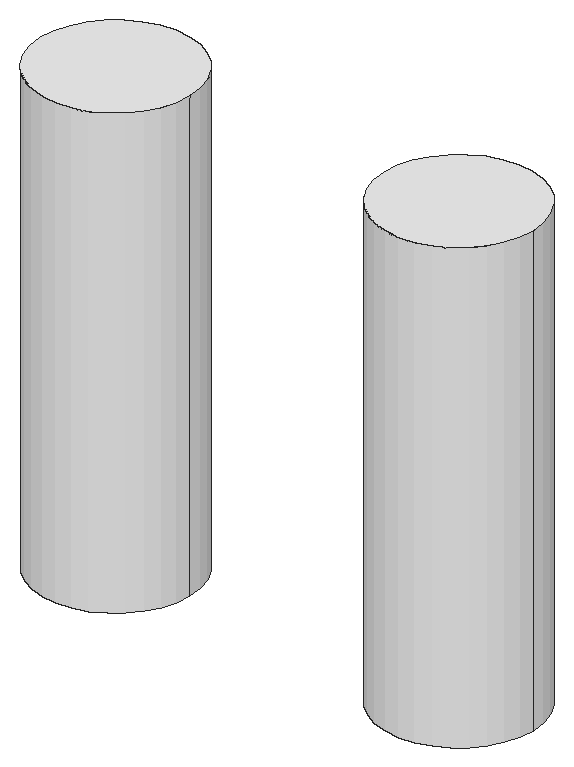
Revit family "51032293(2020)", category Plumbing Fixtures, Revit 2020
Family settings
  Round Connector Dimension = Use Diameter
  Part Type = Normal
  OmniClass Number = 23.45.55.00
  OmniClass Title = Sanitary Faucets, Wastes
  Work Plane-Based = No
  Always vertical = Yes
  Cut with Voids When Loaded = No
  Shared = No
  Room Calculation Point = No
Parameters (values of type "51032293 Washbasin faucet")
  Working Pressure = "50 - 1000 kPa"
  WarrantyStartDate [instance] = "n/a"
  WarrantyGuarantorParts = "n/a"
  WarrantyGuarantorLabor = "n/a"
  WarrantyDurationUnit = "Year"
  WarrantyDurationParts = "n/a"
  WarrantyDurationLabor = "n/a"
  WarrantyDescription = "http://warranty.hansa.com"
  Warranty Information URL = "http://warranty.hansa.com"
  VersionDate = "01/06/2023"
  Version = "1"
  ValvePattern = "n/a"
  ValveOperation = "n/a"
  ValveMechanism = "n/a"
  Uniclass2015Reference = "Pr_40_20_87_96"
  Uniclass2015Description = "Washbasin manual water supply sets"
  Uniclass2 = "Pr_40_30_96_96"
  URL UWL = "http://static.hansa.com/UWL/51032293"
  URL REACH = "http://static.hansa.com/doc/reach"
  URL Materials Declaration = "http://www.hansa.com/fileadmin/resources/182901_51032293_materialsdeclaration.pdf"
  URL Environmental Product Declaration EPD = "http://www.hansa.com/fileadmin/resources/184523_EPD_Washbasin faucet.pdf"
  URL EcoLabel Declaration = "http://static.hansa.com/doc/EcoLabel"
  URL EU Packaging Declaration = "http://static.hansa.com/doc/packaging"
  URL Declaration of SCIP = "http://static.hansa.com/doc/SCIP"
  URL Declaration of Conformity = "http://static.hansa.com/DoC/51032293"
  URL Declaration of Asbestos = "http://static.hansa.com/doc/asbestos"
  URL Declaration Of Performance (DOP) = "http://static.hansa.com/doc/DoP"
  URL DVGW = "http://static.hansa.com/DVGW/51032293"
  URL = ""
  UNSPSC Class Number = "30181700 Faucets or taps"
  TestPressure = "n/a"
  Technical DataSheet URL = "http://www.hansa.com/datasheet/51032293/en"
  TagNumber [instance] = "n/a"
  SustainabilityPerformance = "n/a"
  Surface treatment = "Chrome"
  Spout Type = "Swivel spout;Swivel range limiting option"
  Spout Swivel Range = "120°"
  Spout Projection = "167 mm"
  Spare-Part Information URL = "http://static.hansa.com/sp/51032293"
  Size = "82x216x302mm"
  Shape = "Sculptured"
  SerialNumber [instance] = "n/a"
  Sales Package dimensions (LxWxH) = "620 x 330 x 90"
  Revision = "n/a"
  ReplacementCost = "n/a"
  ProductInformation = "Kitchen faucet with high spout."
  Product URL = "http://static.hansa.com/51032293"
  Product Image URL = "http://static.hansa.com/image/51032293"
  Product Family = "HANSADESIGNO Style "
  Product Code = "51032293"
  OperatingMechanismMaterial = "n/a"
  NominalWidth = 82 mm
  NominalHeight = 302.277 mm
  NominalDepth = 215.564 mm
  Noise Class = "I (ISO 3822) "
  Name_en = "51032293 Washbasin faucet"
  Name = "51032293 Washbasin faucet"
  NBSReference = "45-35-70/371"
  NBSDescription = "Water supply fittings for wash basins and troughs"
  Mounting Holes = "1 hole"
  ModelReference = "51032293"
  ModelNumber = "n/a"
  Model = "51032293 Washbasin faucet"
  Mobile Product Information URL = "http://mpi.hansa.com/51032293"
  Mechanical Parts = "ø 25 mm ceramic cartridge for flow and temperature control"
  Max. Hot Water Supply = 70 °C
  Material = "Brass"
  Market = "International;Germany;Austria;Belgium;Netherlands;France;Czech Republic;Slovakia;Italy;Spain"
  ManufacturerURL = "http://www.hansa.com"
  ManufacturerName = "HANSA"
  Manufacturer = "HANSA"
  Lever Handle = "Single operating lever/handle;Hot/Cold symbols"
  Keynote = ""
  Interactive AR View URL = "https://static.hansa.com/AR/51032293"
  InstallationDate [instance] = "n/a"
  Installation and Maintenance Guide URL = "http://static.hansa.com/manual/51032293"
  Installation Type = "Deck mounted"
  InletConnectionSize = 10 mm
  IfcExportType = "FAUCET"  # constant formula
  IfcExportAs = "IfcValveType"  # constant formula
  Group = "Washbasin faucet"
  Grade = "n/a"
  FlowCoefficient = 0
  Flow Rate At 300kPa With Flow Controller = 0.1 L/s
  Flow Drawing URL = "http://static.hansa.com/flowchart/51032293"
  Finish = "Polished"
  Features = "Single-lever, side operated"
  FaucetMainMaterial = Brass
  FDV Document URL = "http://www.hansa.com/datasheet/51032293/en/fdv"
  Extensions = "Pop-up waste with draw-rod"
  ExpectedLife = "n/a"
  ETIM Class Number = "EC011328 Washbasin mixing tap"
  EN Standard = "EN 817"
  EAN Number = "4057304015083"
  DurationUnit = "Year"
  Dimension Drawing URL = "http://static.hansa.com/dimdrw/51032293"
  Description = ""
  DefaultElevation [instance] = 1000 mm
  Default Elevation = 0 mm
  Constituents = "n/a"
  Connection Size = "G3/8"
  Connection = "Flexible inlet pipes"
  Color = "Chrome"
  CodePerformance = "n/a"
  CloseOffRating = 0
  Category = "Washbasin"
  Catalog Drawing URL = "http://static.hansa.com/catdrw/51032293"
  CO2 Emissions (D) = -9.14
  CO2 Emissions (C4) = 0.1
  CO2 Emissions (C3) = 0.03
  CO2 Emissions (C2) = 0.02
  CO2 Emissions (B7) = 1854
  CO2 Emissions (A4) = 0.36
  CO2 Emissions (A1-A3) = 12.85
  Brand = "HANSA"
  BodyMaterial = "Brass"
  Barcode [instance] = "n/a"
  Backflow Prevention EN1717 = "AA"
  BIMObjectName = "51032293(2020)"
  Author = "BIMStone"
  AssetType = "Fixed"
  AssetIdentifier [instance] = "n/a"
  Approval DVGW = "DW-6506DL0547"
  Ambience photo = "http://static.hansa.com/ambience/51032293"
  Aerator = "PCA® - constant flow rate regardless of pressure variations"
  AccessibilityPerformance = "n/a"
  3D View = "https://static.hansa.com/AR/51032293"
  2D/3D/BIM Files URL = "http://static.hansa.com/bim/51032293"
Reference planes
  plane 1 "Center (Front/Back)": y = 0
  plane 2: z = 0
  plane 3 "Center (Left/Right)": x = 0
  plane 4: x = -41
  plane 5: z = 1000
  plane 6: z = 970
  plane 7: y = -215.564
  plane 8: x = 41
  plane 9: z = 1302.277
Forms (mm)
  Extrusion 1, solid, material "Brass" <- "FaucetMainMaterial"
    sketch origin (-19.921, -15.083, 0) x (1, 0, 0) y (0, 1, 0)
      loop
        circle (-11.5, -22.5) r 5
      loop
        circle (11.5, -22.5) r 5
    from 970 to 1000
Dimensions and locks
  "DefaultElevation": plane 5 to level
  locked: plane 5 to plane 6 at 30
  equal spacing: plane 4, plane 3 "Center (Left/Right)", plane 8
  "NominalWidth": plane 4 to plane 8
  "NominalDepth": plane 7 to plane 1 "Center (Front/Back)"
  "NominalHeight": plane 9 to plane 5
  "InletConnectionSize": diameter of Extrusion 1 sketch curve  (x2)
  aligned and locked: level to plane 2
  aligned and locked: plane 5 to Extrusion 1
  aligned and locked: Extrusion 1 to plane 6
  aligned and locked: nested 2 to plane 5
Automatic sketch dimensions
  Extrusion 1 sketch curve to plane 3 "Center (Left/Right)" = 31.421 mm
  Extrusion 1 sketch curve to plane 3 "Center (Left/Right)" = 8.421 mm
  plane 1 "Center (Front/Back)" to Extrusion 1 sketch curve = 37.583 mm  (x2)
Nested families
  nested 1: "Symbol" at (0, 0, 0), type "Symbol", detail levels coarse
  nested 2: "51032293(2020)_p" at (0, 0, 1000), Material 1 <- "FaucetMainMaterial", type "51032293(2020)_p"
    with Material 1 Brass
Connectors
  piping at (-31.421, -37.583, 970), diameter 10, driven by "InletConnectionSize"
    settings: on Extrusion 1, index 1, connector inside diameter 609.6 mm, connector length 0 mm, flow factor 0, pipe flow 0.0 L/s, pressure drop 0.0 Pa, fitting loss kfactor 0, connector angle 0.00°, fixture units 0, engagement length 0 mm, angle of deflection 0.00°, flow configuration 1, flow direction 1, fitting loss method 0, system type 19, joint type 0, gender type 0, connector reference index -1, connector utility 0, adjustable connector no, is connector primary yes, connector description ""
  piping at (-8.421, -37.583, 970), diameter 10, driven by "InletConnectionSize"
    settings: on Extrusion 1, index 2, connector inside diameter 609.6 mm, connector length 0 mm, flow factor 0, pipe flow 0.0 L/s, pressure drop 0.0 Pa, fitting loss kfactor 0, connector angle 0.00°, fixture units 0, engagement length 0 mm, angle of deflection 0.00°, flow configuration 1, flow direction 1, fitting loss method 0, system type 20, joint type 0, gender type 0, connector reference index -1, connector utility 0, adjustable connector no, is connector primary no, connector description ""
Definition of nested family "Symbol"
  Reference planes
    plane 1: y = 0
    plane 2: x = 0
  Lines and regions (mm)
    detail lines
      curve 1: line (0, 0, 0) -> (0, -1.8, 0)
      curve 2: line (-0.4, -1.1, 0) -> (0.4, -1.1, 0)
      curve 3: line (-0.4, -1.4, 0) -> (0.4, -1.4, 0)
      curve 4: line (0.863, 0, 0) -> (-0.863, 0, 0)
      curve 5: circle (-1.163, 0, 0) r 0.3 normal (0, 0, -1)
      curve 6: circle (1.163, 0, 0) r 0.3 normal (0, 0, 1)
